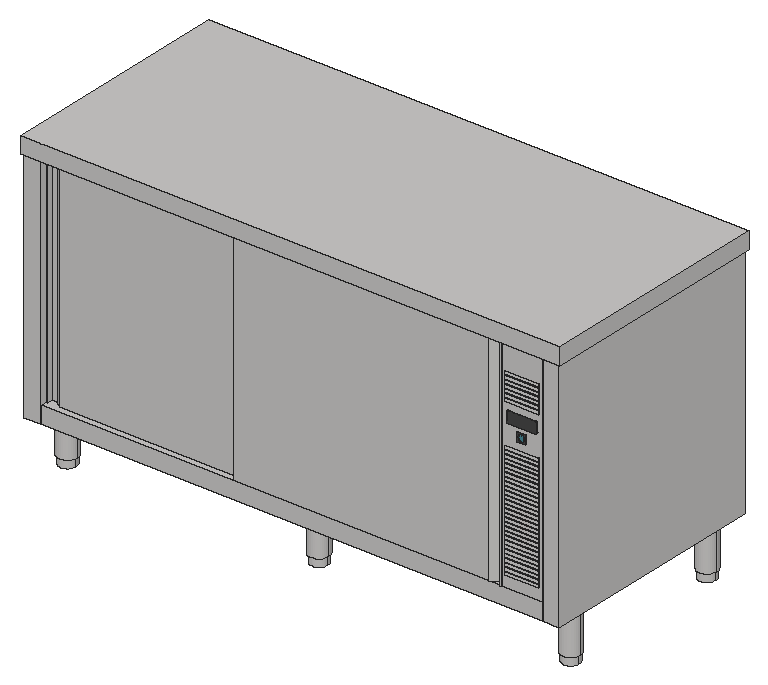
Revit family "QF_ELECTROLUXPROFESSIONAL_133090_TC1600EN", category Attrezzature speciali, Revit 2020
Family settings
  Quota connettore circolare = Usa diametro
  Tipo di parte = Normale
  Basato su piano di lavoro = No
  Sempre verticale = Sì
  Taglio con vuoti quando caricato = No
  Condiviso = No
  Punto di calcolo locali = No
Parameters (values of type "Standard")
  Weight = 65.00 kg
  Watts = 2400 W
  Volts = 220 V
  URL Manufacturer = "https://www.electroluxprofessional.com/"
  URL = "https://www.electroluxprofessional.com/"
  Steam Supply Size = 0 mm
  Steam Supply Minimum Pressure = 0.0 Pa
  Steam Supply Maximum Pressure = 0.0 Pa
  Steam Consumption per Hour = 0
  Refrigeration Suction Line Size = 0.0 mm
  Refrigeration Liquid Line Size = 0.0 mm
  Refrigerant Compressor Remote = yes
  Prospetto di default = 0.0 mm
  Produttore = "Electrolux Professional"
  Phase = 1
  Modello = "TC1600EN"
  Length Actual = 1600.0 mm  # constant formula
  Item Number = "133090"
  Hot Water Size = 0 mm
  Height Actual = 900.0 mm  # constant formula
  HP = "3.2 HP"
  Gas Size = 0 mm
  Gas KW = 0
  Gas Input Pressure = 0 W
  Direct Waste Size = 0 mm
  Descrizione = "HOT CUPBOARD 1600 MM"
  Depth Actual = 700.0 mm  # constant formula
  Cycle = 50 Hz
  Condensate Return Size = 0 mm
  Compressed Air Volume = 0.0 L/s
  Compressed Air Size = 0 mm
  Compressed Air Pressure = 0.0 Pa
  Cold Water Size = 0 mm
  Accessory = yes
Reference planes
  plane 1 "Center (Front/Back)": y = 0
  plane 2: z = 0
  plane 3 "Center (Left/Right)": x = -300
  plane 4 "LEFT": x = -1100
  plane 5 "RIGHT": x = 500
  plane 6 "BACK": y = 350
  plane 7 "FRONT": y = -350
  plane 8 "Base": z = 850
  plane 9 "TOP": z = 900
  plane 10: x = -1046.5
  plane 11: x = 446.5
  plane 12: y = 264.5
  plane 13: y = -241.5
  plane 14 "BodyLeft": x = -1094.5
  plane 15 "BodyFront": y = -344.5
  plane 16 "BodyRight": x = 494.5
  plane 17 "BodyBack": y = 344.5
  plane 18 "FEET": z = 150
  plane 19: x = 324.5
  plane 20: x = -361
  plane 21: x = 444.5
  plane 22 "EIx": x = 400
  plane 23 "EIy": y = -170
Forms (mm)
  Extrusion 1, solid, material "QF_Finishes_Stainless Steel"
    sketch origin (-300, 0, 0) x (0, 1, 0) y (0, 0, 1)
      loop
        line (-350, 850) -> (350, 850) -> (350, 900) -> (-350, 900) -> (-350, 850)
    from 800 to -800
  Extrusion 2, solid, material "QF_Finishes_Stainless Steel"
    sketch origin (0, 0, 150) x (-1, 0, 0) y (0, -1, 0)
      loop
        line (1094.5, -344.5) -> (1094.5, 344.5) -> (1044.5, 344.5) -> (1044.5, -344.5) -> (1094.5, -344.5)
      loop
        line (-444.5, -344.5) -> (-444.5, 344.5) -> (-494.5, 344.5) -> (-494.5, -344.5) -> (-444.5, -344.5)
    from 0 to 700
  Extrusion 3, solid, material "QF_Finishes_Stainless Steel"
    sketch origin (0, 0, 150) x (-1, 0, 0) y (0, -1, 0)
      loop
        line (1044.5, -344.5) -> (1044.5, 344.5) -> (-444.5, 344.5) -> (-444.5, -344.5) -> (1044.5, -344.5)
    from 0 to 50
  Extrusion 4, solid, material "QF_Finishes_Stainless Steel"
    sketch origin (-1, 0, 150) x (-1, 0, 0) y (0, -1, 0)
      loop
        line (-325.5, 344.5) -> (-325.5, 324.5) -> (470.5, 324.5) -> (470.5, 344.5) -> (-285.5, 344.5) -> (-305.5, 329.5) -> (-320.5, 329.5) -> (-320.5, 344.5) -> (-325.5, 344.5)
    from 50 to 700
  Extrusion 5, solid, material "QF_Finishes_Stainless Steel"
    sketch origin (1, 20, 150) x (1, 0, 0) y (0, 1, 0)
      loop
        line (-1045.5, -344.5) -> (-1040.5, -344.5) -> (-1040.5, -329.5) -> (-1025.5, -329.5) -> (-1005.5, -344.5) -> (-251.5, -344.5) -> (-251.5, -324.5) -> (-1045.5, -324.5) -> (-1045.5, -344.5)
    from 50 to 700
  Extrusion 6, solid, material "QF_Finishes_Stainless Steel"
    sketch origin (0, 0, 0) x (1, 0, 0) y (0, 1, 0)
      loop
        line (-1044.5, -304.5) -> (324.5, -304.5) -> (324.5, 324.5) -> (-1044.5, 324.5) -> (-1044.5, -304.5)
    from 500 to 540
  Extrusion 7, solid, material "QF_Finishes_Stainless Steel"
    sketch origin (0, 0, 0) x (1, 0, 0) y (0, 1, 0)
      loop
        line (444.5, 344.5) -> (-1044.5, 344.5) -> (-1044.5, 324.5) -> (444.5, 324.5) -> (444.5, 344.5)
    from 200 to 850
  Extrusion 8, solid, material "QF_Finishes_Stainless Steel"
    sketch origin (0, 0, 150) x (-1, 0, 0) y (0, -1, 0)
      loop
        circle (-400, 170) r 10
    from 0 to -5
Cuts and joins
  joined: Extrusion 3, Extrusion 7
Lines and regions (mm)
  symbolic lines
    curve 1: line (500, 350, 900) -> (-1100, 350, 900)
    curve 2: line (-1100, 350, 900) -> (-1100, -350, 900)
    curve 3: line (-1100, -350, 900) -> (500, -350, 900)
    curve 4: line (500, -350, 900) -> (500, 350, 900)
  symbolic lines, style "SpecialityEquipmentHiddenLines"
    curve 5: line (-1094.5, 344.5, 150) -> (494.5, 344.5, 150)
    curve 6: line (-1094.5, -344.5, 150) -> (-1094.5, 344.5, 150)
    curve 7: line (494.5, -344.5, 150) -> (-1094.5, -344.5, 150)
    curve 8: line (494.5, 344.5, 150) -> (494.5, -344.5, 150)
    curve 9: line (-1045.5, -304.5, 150) -> (-249.5, -304.5, 150)
    curve 10: line (-249.5, -304.5, 150) -> (-249.5, -324.5, 150)
    curve 11: line (-1045.5, -324.5, 150) -> (324.5, -324.5, 150)
    curve 12: line (324.5, -324.5, 150) -> (324.5, -344.5, 150)
    curve 13: line (-1045.5, -304.5, 150) -> (-1045.5, -324.5, 150)
    curve 14: line (-471.5, -344.5, 0) -> (-471.5, -324.5, 0)
Dimensions and locks
  plane 4 "LEFT" to plane 5 "RIGHT" = 1600.0 mm
  equal spacing: plane 4 "LEFT", plane 3 "Center (Left/Right)", plane 5 "RIGHT"
  locked: plane 8 "Base" to level at 850
  plane 9 "TOP" to level = 900.0 mm
  plane 6 "BACK" to plane 7 "FRONT" = 700.0 mm
  equal spacing: plane 6 "BACK", plane 1 "Center (Front/Back)", plane 7 "FRONT"
  locked: plane 4 "LEFT" to plane 14 "BodyLeft" at 5.5
  locked: plane 16 "BodyRight" to plane 5 "RIGHT" at 5.5
  locked: plane 15 "BodyFront" to plane 7 "FRONT" at 5.5
  locked: plane 6 "BACK" to plane 17 "BodyBack" at 5.5
  locked: plane 14 "BodyLeft" to plane 10 at 48
  locked: plane 11 to plane 16 "BodyRight" at 48
  locked: plane 13 to plane 15 "BodyFront" at 103
  locked: plane 17 "BodyBack" to plane 12 at 80
  plane 10 to plane 11 = 1493.0 mm
  plane 12 to plane 13 = 506.0 mm
  locked: plane 14 "BodyLeft" to Extrusion 2 sketch curve at 50
  locked: Extrusion 2 sketch curve to Extrusion 2 sketch curve at 50
  equal spacing: plane 10, plane 20, plane 19
  locked: plane 21 to plane 16 "BodyRight" at 50
  locked: plane 19 to plane 21 at 120
  locked: Extrusion 4 sketch curve to plane 20 at 110.5
  locked: plane 20 to Extrusion 5 sketch curve at 110.5
  locked: plane 18 "FEET" to level at 150
  locked: plane 22 "EIx" to plane 5 "RIGHT" at 100
  plane 23 "EIy" to plane 7 "FRONT" = 180.0 mm
  aligned and locked: level to plane 2
  aligned and locked: plane 10 to nested 1
  aligned and locked: nested 1 to plane 13
  aligned and locked: plane 11 to nested 2
  aligned and locked: nested 2 to plane 13
  aligned and locked: plane 11 to nested 4
  aligned and locked: nested 4 to plane 12
  aligned and locked: plane 10 to nested 3
  aligned and locked: nested 3 to plane 12
  aligned and locked: Extrusion 1 to plane 4 "LEFT"
  aligned and locked: plane 5 "RIGHT" to Extrusion 1
  aligned and locked: curve 2 to plane 4 "LEFT"
  aligned and locked: plane 17 "BodyBack" to Extrusion 2 sketch curve
  aligned and locked: Extrusion 2 sketch curve to plane 15 "BodyFront"
  aligned and locked: Extrusion 2 sketch curve to plane 14 "BodyLeft"
  aligned and locked: plane 16 "BodyRight" to Extrusion 2 sketch curve
  aligned and locked: Extrusion 2 sketch curve to plane 17 "BodyBack"
  aligned and locked: plane 15 "BodyFront" to Extrusion 2 sketch curve
  aligned and locked: Extrusion 3 sketch curve to plane 17 "BodyBack"
  aligned and locked: plane 15 "BodyFront" to Extrusion 3 sketch curve
  aligned and locked: plane 8 "Base" to Extrusion 2
  aligned and locked: plane 8 "Base" to Extrusion 4
  aligned and locked: Extrusion 4 to Extrusion 3
  aligned and locked: Extrusion 1 to plane 8 "Base"
  aligned and locked: plane 9 "TOP" to Extrusion 1
  aligned and locked: curve 5 to plane 17 "BodyBack"
  aligned and locked: plane 14 "BodyLeft" to curve 6
  aligned and locked: plane 15 "BodyFront" to curve 7
  aligned and locked: plane 16 "BodyRight" to curve 8
  aligned and locked: Extrusion 3 to Extrusion 2  (x2)
  aligned and locked: Extrusion 6 sketch curve to Extrusion 2
  aligned and locked: Extrusion 6 sketch curve to Extrusion 5
  aligned and locked: nested 5 to plane 21
  aligned and locked: Extrusion 7 sketch curve to Extrusion 2
  aligned and locked: Extrusion 6 sketch curve to plane 19
  aligned and locked: plane 3 "Center (Left/Right)" to nested 6
  aligned and locked: plane 3 "Center (Left/Right)" to nested 7
Automatic sketch dimensions
  curve 14 to plane 15 "BodyFront" = 0.0 mm
  plane 15 "BodyFront" to curve 14 = 20.0 mm
  curve 14 to plane 20 = 110.5 mm
  curve 3 to plane 7 "FRONT" = 0.0 mm
  curve 4 to plane 6 "BACK" = 0.0 mm
  Extrusion 1 sketch curve to plane 7 "FRONT" = 0.0 mm
  Extrusion 1 sketch curve to plane 6 "BACK" = 0.0 mm
  Extrusion 1 sketch curve to plane 8 "Base" = 0.0 mm
  Extrusion 1 sketch curve to plane 9 "TOP" = 0.0 mm
  Extrusion 3 sketch curve to plane 21 = 0.0 mm
  plane 10 to Extrusion 3 sketch curve = 2.0 mm
  Extrusion 4 sketch curve to plane 19 = 0.0 mm
  Extrusion 4 sketch curve to plane 15 "BodyFront" = 0.0 mm  (x2)
  Extrusion 4 sketch curve to Extrusion 4 sketch curve = 5.0 mm
  Extrusion 4 sketch curve to Extrusion 4 sketch curve = 15.0 mm  (x2)
  Extrusion 4 sketch curve to Extrusion 4 sketch curve = 20.0 mm  (x2)
  Extrusion 5 sketch curve to plane 15 "BodyFront" = 20.0 mm  (x2)
  Extrusion 5 sketch curve to plane 10 = 42.0 mm
  Extrusion 5 sketch curve to plane 10 = 22.0 mm
  Extrusion 5 sketch curve to plane 10 = 7.0 mm
  Extrusion 5 sketch curve to plane 10 = 2.0 mm
  Extrusion 5 sketch curve to Extrusion 5 sketch curve = 15.0 mm
  Extrusion 5 sketch curve to Extrusion 5 sketch curve = 20.0 mm
  plane 21 to curve 12 = 120.0 mm
  curve 7 to plane 15 "BodyFront" = 0.0 mm
  plane 3 "Center (Left/Right)" to curve 9 = 50.5 mm
  plane 10 to curve 11 = 1.0 mm
  plane 15 "BodyFront" to curve 9 = 40.0 mm
  curve 11 to curve 12 = 20.0 mm
  plane 12 to Extrusion 6 sketch curve = 60.0 mm
  Extrusion 7 sketch curve to plane 17 "BodyBack" = 0.0 mm
  Extrusion 7 sketch curve to plane 21 = 0.0 mm
  Extrusion 7 sketch curve to plane 17 "BodyBack" = 20.0 mm
  curve 4 to plane 5 "RIGHT" = 0.0 mm
  Extrusion 8 sketch curve to plane 22 "EIx" = 0.0 mm
  Extrusion 8 sketch curve to plane 23 "EIy" = 0.0 mm
  radius of Extrusion 8 sketch curve = 10.0 mm
Nested families
  nested 1: "FEET_D58-150" at (-1046.5, -241.5, 0), type "FEET_D58-150"
  nested 2: "FEET_D58-150" at (446.5, -241.5, 0), type "FEET_D58-150"
  nested 3: "FEET_D58-150" at (-1046.5, 264.5, 0), type "FEET_D58-150"
  nested 4: "FEET_D58-150" at (446.5, 264.5, 0), type "FEET_D58-150"
  nested 5: "WT_PNL120x650" at (531.42, -304.5, 600) x (1, 0, 0) z (0, -1, 0), type "WT_PNL120x650"
    with Show Logo yes
  nested 6: "FEET_D58-150" at (-300, -241.5, 0), type "FEET_D58-150"
  nested 7: "FEET_D58-150" at (-300, 264.5, 0), type "FEET_D58-150"
Connectors
  electrical at (400, -170, 145)
    settings: on Extrusion 8, index 1, voltage 0 V, apparent load 0 VA, apparent load phase1 0 VA, apparent load phase2 0 VA, apparent load phase3 0 VA, power factor 1, load classification "Other", number of poles 1, system type 30, power factor state 1, is connector primary yes, connector utility no, sub classification motor no, connector description "Electrical connection"
Definition of nested family "FEET_D58-150"
  Parameters
    Default Elevation = 0.0 mm
    FEET = 150.0 mm
  Reference planes
    plane 1 "Center (Front/Back)": y = 0
    plane 2: z = 0
    plane 3 "Center (Left/Right)": x = 0
    plane 4: z = 150
  Forms (mm)
    Extrusion 1, solid
      sketch origin (0, 0, 0) x (1, 0, 0) y (0, 1, 0)
        loop
          circle (0, 0) r 25
      from 0 to 25
    Extrusion 2, solid
      sketch origin (0, 0, 0) x (1, 0, 0) y (0, 1, 0)
        loop
          circle (0.061, 0) r 29
      from 25 to 150 <- "FEET"
  Lines and regions (mm)
    symbolic lines
      curve 1: line (0, -1.503, 0) -> (0, 1.508, 0)
      curve 2: line (1.561, 0, 0) -> (-1.439, 0, 0)
  Dimensions and locks
    "FEET": plane 4 to plane 2
    aligned and locked: level to plane 2
  Automatic sketch dimensions
    plane 1 "Center (Front/Back)" to Extrusion 1 sketch curve = 0.0 mm
    Extrusion 1 sketch curve to plane 3 "Center (Left/Right)" = 0.0 mm
    plane 1 "Center (Front/Back)" to curve 2 = 0.0 mm
    curve 1 to plane 3 "Center (Left/Right)" = 0.0 mm
    curve 2 to plane 3 "Center (Left/Right)" = 1.439 mm
    plane 3 "Center (Left/Right)" to curve 2 = 1.561 mm
    plane 1 "Center (Front/Back)" to curve 1 = 1.503 mm
    curve 1 to plane 1 "Center (Front/Back)" = 1.508 mm
    plane 1 "Center (Front/Back)" to Extrusion 2 sketch curve = 0.0 mm
    plane 3 "Center (Left/Right)" to Extrusion 2 sketch curve = 0.061 mm
    radius of Extrusion 1 sketch curve = 25.0 mm
    radius of Extrusion 2 sketch curve = 29.0 mm
Definition of nested family "WT_PNL120x650"
  Parameters
    Show Logo [instance] = yes
    Default Elevation = 1219.2 mm
  Reference planes
    plane 1 "Center (Front/Back)": y = -75
    plane 2: z = 0
    plane 3 "Center (Left/Right)": x = -146.92
    plane 4: x = -206.92
    plane 5: x = -86.92
    plane 6: y = 250
    plane 7: y = -400
    plane 8 "TOP": z = 40
  Forms (mm)
    Extrusion 1, solid
      sketch origin (0, 0, 0) x (1, 0, 0) y (0, 1, 0)
        loop
          line (-1219.2, 1219.2) -> (-1219.2, -1219.2) -> (1219.2, -1219.2) -> (1219.2, 1219.2) -> (-1219.2, 1219.2)
      from 0 to -304.8
    Extrusion 2, solid
      sketch origin (0, 0, 0) x (1, 0, 0) y (0, 1, 0)
        loop
          line (-206.92, 250) -> (-206.92, -400) -> (-86.92, -400) -> (-86.92, 250) -> (-206.92, 250)
      from 0 to 40
    Extrusion 3, void
      sketch origin (0, 0, 40) x (-1, 0, 0) y (0, -1, 0)
        loop
          arc (101.92, -68.899) -> (103.795, -73.256) -> (108.247, -74.89) r 6
          line (108.247, -74.89) -> (185.92, -74.89)
          arc (185.92, -74.89) -> (190.163, -73.133) -> (191.92, -68.89) r 6
          line (191.92, -68.89) -> (191.92, -45.89)
          arc (191.92, -45.89) -> (190.163, -41.648) -> (185.92, -39.89) r 6
          line (185.92, -39.89) -> (107.92, -39.89)
          arc (107.92, -39.89) -> (103.677, -41.648) -> (101.92, -45.89) r 6
          line (101.92, -45.89) -> (101.92, -68.899)
        loop
          line (158.92, -27.89) -> (158.92, -2.89) -> (134.92, -2.89) -> (134.92, -27.89) -> (158.92, -27.89)
      from -2 to 0
    Extrusion 4, solid
      sketch origin (0, 0, 40) x (-1, 0, 0) y (0, -1, 0)
        loop
          line (185.92, -39.89) -> (107.92, -39.89)
          arc (107.92, -39.89) -> (103.677, -41.648) -> (101.92, -45.89) r 6
          line (101.92, -45.89) -> (101.92, -68.899)
          arc (101.92, -68.899) -> (103.795, -73.256) -> (108.247, -74.89) r 6
          line (108.247, -74.89) -> (185.92, -74.89)
          arc (185.92, -74.89) -> (190.163, -73.133) -> (191.92, -68.89) r 6
          line (191.92, -68.89) -> (191.92, -45.89)
          arc (191.92, -45.89) -> (190.163, -41.648) -> (185.92, -39.89) r 6
      from -2 to 1
    Extrusion 5, solid
      sketch origin (-146.92, 0, 0) x (0, 1, 0) y (0, 0, 1)
        loop
          line (95.896, 40) -> (104.899, 40) -> (95.896, 41.206) -> (95.896, 40)
        loop
          line (107.896, 40) -> (116.899, 40) -> (107.896, 41.206) -> (107.896, 40)
        loop
          line (119.896, 40) -> (128.899, 40) -> (119.896, 41.206) -> (119.896, 40)
        loop
          line (131.896, 40) -> (140.899, 40) -> (131.896, 41.206) -> (131.896, 40)
        loop
          line (143.896, 40) -> (152.899, 40) -> (143.896, 41.206) -> (143.896, 40)
        loop
          line (155.896, 40) -> (164.899, 40) -> (155.896, 41.206) -> (155.896, 40)
        loop
          line (167.896, 40) -> (176.899, 40) -> (167.896, 41.206) -> (167.896, 40)
        loop
          line (-102.104, 40) -> (-93.101, 40) -> (-102.104, 41.206) -> (-102.104, 40)
        loop
          line (-90.104, 40) -> (-81.101, 40) -> (-90.104, 41.206) -> (-90.104, 40)
        loop
          line (-78.104, 40) -> (-69.101, 40) -> (-78.104, 41.206) -> (-78.104, 40)
        loop
          line (-66.104, 40) -> (-57.101, 40) -> (-66.104, 41.206) -> (-66.104, 40)
        loop
          line (-54.104, 40) -> (-45.101, 40) -> (-54.104, 41.206) -> (-54.104, 40)
        loop
          line (-42.104, 40) -> (-33.101, 40) -> (-42.104, 41.206) -> (-42.104, 40)
        loop
          line (-30.104, 40) -> (-21.101, 40) -> (-30.104, 41.206) -> (-30.104, 40)
        loop
          line (-174.104, 40) -> (-165.101, 40) -> (-174.104, 41.206) -> (-174.104, 40)
        loop
          line (-162.104, 40) -> (-153.101, 40) -> (-162.104, 41.206) -> (-162.104, 40)
        loop
          line (-150.104, 40) -> (-141.101, 40) -> (-150.104, 41.206) -> (-150.104, 40)
        loop
          line (-138.104, 40) -> (-129.101, 40) -> (-138.104, 41.206) -> (-138.104, 40)
        loop
          line (-126.104, 40) -> (-117.101, 40) -> (-126.104, 41.206) -> (-126.104, 40)
        loop
          line (-114.104, 40) -> (-105.101, 40) -> (-114.104, 41.206) -> (-114.104, 40)
        loop
          line (-246.104, 40) -> (-237.101, 40) -> (-246.104, 41.206) -> (-246.104, 40)
        loop
          line (-234.104, 40) -> (-225.101, 40) -> (-234.104, 41.206) -> (-234.104, 40)
        loop
          line (-222.104, 40) -> (-213.101, 40) -> (-222.104, 41.206) -> (-222.104, 40)
        loop
          line (-210.104, 40) -> (-201.101, 40) -> (-210.104, 41.206) -> (-210.104, 40)
        loop
          line (-198.104, 40) -> (-189.101, 40) -> (-198.104, 41.206) -> (-198.104, 40)
        loop
          line (-186.104, 40) -> (-177.101, 40) -> (-186.104, 41.206) -> (-186.104, 40)
        loop
          line (-318.104, 40) -> (-309.101, 40) -> (-318.104, 41.206) -> (-318.104, 40)
        loop
          line (-306.104, 40) -> (-297.101, 40) -> (-306.104, 41.206) -> (-306.104, 40)
        loop
          line (-294.104, 40) -> (-285.101, 40) -> (-294.104, 41.206) -> (-294.104, 40)
        loop
          line (-282.104, 40) -> (-273.101, 40) -> (-282.104, 41.206) -> (-282.104, 40)
        loop
          line (-270.104, 40) -> (-261.101, 40) -> (-270.104, 41.206) -> (-270.104, 40)
        loop
          line (-258.104, 40) -> (-249.101, 40) -> (-258.104, 41.206) -> (-258.104, 40)
        loop
          line (-366.104, 40) -> (-357.101, 40) -> (-366.104, 41.206) -> (-366.104, 40)
        loop
          line (-354.104, 40) -> (-345.101, 40) -> (-354.104, 41.206) -> (-354.104, 40)
        loop
          line (-342.104, 40) -> (-333.101, 40) -> (-342.104, 41.206) -> (-342.104, 40)
        loop
          line (-330.104, 40) -> (-321.101, 40) -> (-330.104, 41.206) -> (-330.104, 40)
      from -50 to 50
    Extrusion 6, solid
      sketch origin (0, 0, 40) x (-1, 0, 0) y (0, -1, 0)
        loop
          line (134.92, -27.89) -> (158.92, -27.89) -> (158.92, -2.89) -> (134.92, -2.89) -> (134.92, -27.89)
        loop
          circle (146.92, -15.39) r 9
      from -2 to 3
    Extrusion 7, solid
      sketch origin (0, 0, 40) x (-1, 0, 0) y (0, -1, 0)
        loop
          circle (146.92, -15.39) r 9
      from 0 to 3
  Cuts and joins
    Extrusion 3 cuts Extrusion 2
  Dimensions and locks
    equal spacing: plane 6, plane 1 "Center (Front/Back)", plane 7
    equal spacing: plane 4, plane 3 "Center (Left/Right)", plane 5
    plane 8 "TOP" to level = 40.0 mm
    aligned and locked: plane 2 to Extrusion 1
    aligned and locked: level to Extrusion 1
  Automatic sketch dimensions
    Extrusion 1 sketch curve to Extrusion 1 sketch curve = 2438.4 mm  (x2)
    Extrusion 2 sketch curve to plane 4 = 0.0 mm
    Extrusion 2 sketch curve to plane 5 = 0.0 mm
    Extrusion 2 sketch curve to plane 7 = 0.0 mm
    Extrusion 2 sketch curve to plane 6 = 0.0 mm
    Extrusion 5 sketch curve to plane 8 "TOP" = 0.0 mm  (x36)
    Extrusion 5 sketch curve to Extrusion 5 sketch curve = 9.003 mm  (x35)
    plane 8 "TOP" to Extrusion 5 sketch curve = 1.206 mm  (x22)
    Extrusion 5 sketch curve to Extrusion 5 sketch curve = 2.997 mm  (x33)
    plane 1 "Center (Front/Back)" to Extrusion 5 sketch curve = 6.101 mm
    plane 1 "Center (Front/Back)" to Extrusion 5 sketch curve = 3.104 mm
    Extrusion 5 sketch curve to plane 1 "Center (Front/Back)" = 5.899 mm
    Extrusion 5 sketch curve to Extrusion 5 sketch curve = 116.997 mm
    Extrusion 5 sketch curve to Extrusion 5 sketch curve = 1.206 mm  (x14)
    Extrusion 4 sketch curve to plane 5 = 15.0 mm
    Extrusion 4 sketch curve to Extrusion 4 sketch curve = 6.0 mm  (x3)
    Extrusion 4 sketch curve to Extrusion 4 sketch curve = 0.327 mm
    plane 4 to Extrusion 4 sketch curve = 21.0 mm  (x2)
    Extrusion 4 sketch curve to plane 1 "Center (Front/Back)" = 149.89 mm
    Extrusion 4 sketch curve to Extrusion 4 sketch curve = 23.009 mm
    Extrusion 3 sketch curve to plane 5 = 15.0 mm
    Extrusion 3 sketch curve to Extrusion 3 sketch curve = 6.0 mm  (x3)
    Extrusion 3 sketch curve to Extrusion 3 sketch curve = 0.327 mm
    plane 3 "Center (Left/Right)" to Extrusion 3 sketch curve = 12.0 mm
    Extrusion 3 sketch curve to plane 3 "Center (Left/Right)" = 12.0 mm
    plane 4 to Extrusion 3 sketch curve = 21.0 mm  (x2)
    Extrusion 3 sketch curve to plane 1 "Center (Front/Back)" = 149.89 mm
    Extrusion 3 sketch curve to Extrusion 3 sketch curve = 23.0 mm
    Extrusion 3 sketch curve to Extrusion 3 sketch curve = 12.0 mm
    Extrusion 3 sketch curve to Extrusion 3 sketch curve = 25.0 mm
    Extrusion 6 sketch curve to plane 3 "Center (Left/Right)" = 0.0 mm
    plane 3 "Center (Left/Right)" to Extrusion 6 sketch curve = 12.0 mm
    Extrusion 6 sketch curve to plane 3 "Center (Left/Right)" = 12.0 mm
    Extrusion 6 sketch curve to plane 1 "Center (Front/Back)" = 102.89 mm
    Extrusion 6 sketch curve to Extrusion 6 sketch curve = 12.5 mm  (x2)
    Extrusion 7 sketch curve to plane 3 "Center (Left/Right)" = 0.0 mm
    Extrusion 7 sketch curve to plane 1 "Center (Front/Back)" = 90.39 mm
    radius of Extrusion 6 sketch curve = 9.0 mm
    radius of Extrusion 7 sketch curve = 9.0 mm
